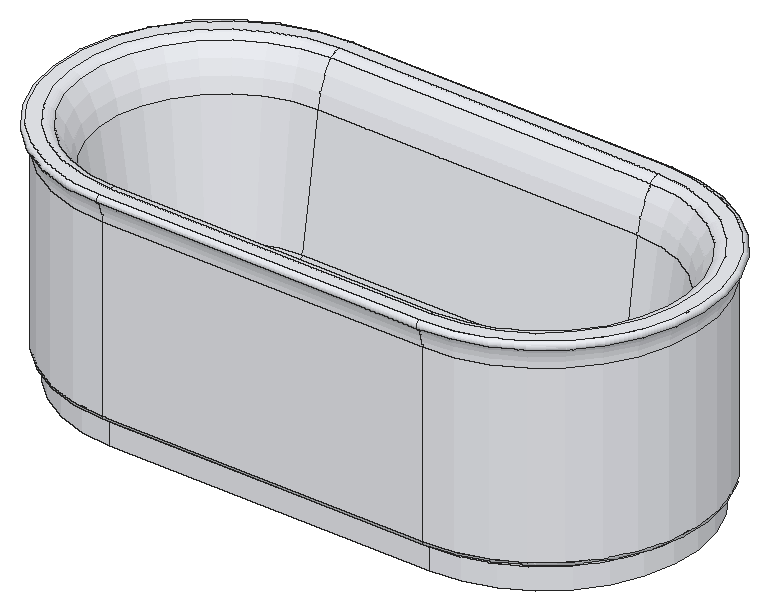
Revit family "Bathtub-Freestanding-American_Standard-Studio-2549004", category Plumbing Fixtures, Revit 2016
Family settings
  Part Type = Normal
  Round Connector Dimension = Use Diameter
  OmniClass Number = 23.45.05.14.21
  OmniClass Title = Bathtubs
  Work Plane-Based = Yes
  Always vertical = No
  Cut with Voids When Loaded = No
  Shared = Yes
  Room Calculation Point = No
Parameters (values of type "2549004")
  Width = 34"
  Weight = "145 Lbs. (66 Kg.)  w/WATER : (710 Lbs. (322 Kg.))"
  Waste Connection Diameter = 2 1/8"
  Waste Connection = yes
  Warranty Information = "Limited Lifetime warranty"
  WFU = 4
  Vent Connection = no
  URL = "https://www.americanstandard-us.com/"
  Product Page URL = ""
  Product Documentation Link = ""
  Price = "Prices may vary. Please consult Manufacturer Representative for most up-to-date price list."  # constant formula
  Model = " 2549004"  # constant formula
  Material = "Acrylic-American Standard-020-High Gloss White"
  Manufacturer = "American Standard"  # constant formula
  Length = 68"
  Installation Type = "Floor Mount"  # constant formula
  Height = 24 1/2"
  HWFU = 3
  HW Connection = yes
  GAL. TO OVERFLOW = "68 Gal. (257L)"
  Finish = Acrylic-American Standard-020-High Gloss White
  Description = "American Standard 2549004 Studio® S Freestanding Tub"
  Default Elevation = 0"
  Creation Date = "05/15/2020"  # constant formula
  CWFU = 3
  CW Connection = yes
  Assembly Code = "D2010510"
Reference planes (in)
  plane 1 "Center (Front/Back)": y = 2.0625
  plane 2: z = 0
  plane 3 "Center (Left/Right)": x = 0
  plane 4: z = 24.5
  plane 5: y = -31.9375
  plane 6: x = 34
  plane 7: x = -34
  plane 8: y = -14.9375
  plane 9: x = 21.3125
  plane 10: x = -21.3125
  plane 11: y = -4.5
  plane 12: y = -25.375
  plane 13: z = 4.8125
  plane 14: z = 21.75
  plane 15: x = 1.5625
  plane 16: x = -1.5625
  plane 17: z = 3.25
Forms (in)
  Sweep 1, solid, material "Acrylic-American Standard-020-High Gloss White"
    path origin (0, 0, 0) x (1, 0, 0) y (0, 1, 0)
      loop
        arc (-17, 2.0625) -> (-34, -14.9375) -> (-17, -31.9375) r 17
        line (-17, -31.9375) -> (17, -31.9375)
        arc (17, -31.9375) -> (34, -14.9375) -> (17, 2.0625) r 17
        line (17, 2.0625) -> (-17, 2.0625)
    profile origin (-34, -14.9375, 0) x (1, 0, 0) y (0, 0, 1)
      loop
        line (1.75, 0) -> (9.9375, 0) -> (9.9375, 4.8125) -> (9.18082, 4.8125)
        arc (9.18082, 4.8125) -> (7.53261, 5.43277) -> (6.70226, 6.98579) r 2.5
        arc (6.70226, 6.98579) -> (5.76831, 13.47) -> (4.67912, 19.92994) r 273.16358
        arc (4.67912, 19.92994) -> (4.0081, 22.07766) -> (2.83118, 23.99542) r 9.11086
        arc (2.83118, 23.99542) -> (2.36411, 24.3673) -> (1.78202, 24.5) r 1.34302
        line (1.78202, 24.5) -> (0.41654, 24.5)
        arc (0.41654, 24.5) -> (0.04425, 24.26969) -> (0.08413, 23.83376) r 0.41604
        arc (0.08413, 23.83376) -> (0.60196, 22.84855) -> (0.78072, 21.75) r 3.46494
        line (0.78072, 21.75) -> (0.78072, 3.20598)
        arc (0.78072, 3.20598) -> (0.84316, 2.99176) -> (1.01092, 2.84464) r 0.39869
        line (1.01092, 2.84464) -> (1.555, 2.59093)
        arc (1.555, 2.59093) -> (1.69711, 2.4663) -> (1.75, 2.28484) r 0.33774
        line (1.75, 2.28484) -> (1.75, 0)
  Extrusion 2, solid, material "Acrylic-American Standard-020-High Gloss White"
    sketch origin (0, 0, 0) x (1, 0, 0) y (0, 1, 0)
      loop
        arc (-17, -7.875) -> (-24.0625, -14.9375) -> (-17, -22) r 7.0625
        line (-17, -22) -> (17, -22)
        arc (17, -22) -> (24.0625, -14.9375) -> (17, -7.875) r 7.0625
        line (17, -7.875) -> (-17, -7.875)
    from 0 to 4.8125
  Revolve 3, void
    sketch origin (41.375, -14.9375, 48) x (1, 0, 0) y (0, 0, 1)
      loop
        line (-41.375, -42.96036) -> (-41.375, -48) -> (-40.3125, -48) -> (-40.3125, -43.54719)
        arc (-40.3125, -43.54719) -> (-40.09772, -43.42151) -> (-40.01306, -43.1875) r 0.36575
        line (-40.01306, -43.1875) -> (-40.01306, -42.96036) -> (-41.375, -42.96036)
      axis (-41.375, -48) -> (-41.375, -42.96036)
    angle from 0 to 360
  Sweep 4, void
    path origin (0, 0, 0) x (0, 1, 0) y (0, 0, 1)
      loop
        line (-27.625, 21.5625) -> (-28.00547, 21.5625)
        arc (-28.00547, 21.5625) -> (-28.23628, 21.45185) -> (-28.29456, 21.20262) r 0.29605
        arc (-28.29456, 21.20262) -> (-27.47339, 16.83597) -> (-26.92798, 12.42638) r 70.73597
        arc (-26.92798, 12.42638) -> (-26.48173, 8.83585) -> (-25.80672, 5.28122) r 56.53663
        arc (-25.80672, 5.28122) -> (-25.27063, 4.39148) -> (-24.30725, 4.00298) r 1.63823
        line (-24.30725, 4.00298) -> (-15.57337, 3.47212)
    profile origin (0, -27.81524, 21.5625) x (0, 0, -1) y (1, 0, 0)
      loop
        arc (-0.22026, -1.34239) -> (0, -1.56264) -> (0.22026, -1.34239) r 0.22026
        line (0.22026, -1.34239) -> (0.22026, 1.33328)
        arc (0.22026, 1.33328) -> (0, 1.55354) -> (-0.22026, 1.33328) r 0.22026
        line (-0.22026, 1.33328) -> (-0.22026, -1.34239)
Cuts and joins
  Revolve 3, Sweep 4 cuts Sweep 1
  Revolve 3, Sweep 4 cuts Extrusion 2
  joined: Sweep 1, Extrusion 2
Lines and regions (in)
  Masking region 1
    outline origin (0, 0, 0) x (1, 0, 0) y (0, 1, 0)
      loop
        arc (-17, 2.0625) -> (-34, -14.9375) -> (-17, -31.9375) r 17
        line (-17, -31.9375) -> (17, -31.9375)
        arc (17, -31.9375) -> (34, -14.9375) -> (17, 2.0625) r 17
        line (17, 2.0625) -> (-17, 2.0625)
  symbolic lines, detail levels medium+fine
    curve 1: circle (0, -14.9375, 0) r 1.0625 normal (0, 0, 1)
    curve 2: arc (-17, -0.9375, 0) -> (-31, -14.9375, 0) -> (-17, -28.9375, 0) r 14
    curve 3: line (-17, -28.9375, 0) -> (17, -28.9375, 0)
    curve 4: arc (17, -28.9375, 0) -> (31, -14.9375, 0) -> (17, -0.9375, 0) r 14
    curve 5: line (17, -0.9375, 0) -> (-17, -0.9375, 0)
    curve 10: arc (-10.875, -4.5, 0) -> (-21.3125, -14.9375, 0) -> (-10.875, -25.375, 0) r 10.4375
    curve 11: line (-10.875, -25.375, 0) -> (10.875, -25.375, 0)
    curve 12: arc (10.875, -25.375, 0) -> (21.3125, -14.9375, 0) -> (10.875, -4.5, 0) r 10.4375
    curve 13: line (10.875, -4.5, 0) -> (-10.875, -4.5, 0)
  symbolic lines, detail levels fine
    curve 6: arc (-17, -1.9375, 0) -> (-30, -14.9375, 0) -> (-17, -27.9375, 0) r 13
    curve 7: line (-17, -27.9375, 0) -> (17, -27.9375, 0)
    curve 8: arc (17, -27.9375, 0) -> (30, -14.9375, 0) -> (17, -1.9375, 0) r 13
    curve 9: line (17, -1.9375, 0) -> (-17, -1.9375, 0)
    curve 14: line (-1.36042, -27.63302, 0) -> (1.35129, -27.63302, 0)
    curve 15: spline (1.35129, -27.63302, 0) -> (1.40616, -27.63828, 0) -> (1.45596, -27.64803, 0) -> (1.49786, -27.66172, 0) -> (1.52948, -27.67858, 0) -> (1.54901, -27.69764, 0) -> (1.55533, -27.71781, 0) -> (1.5481, -27.73796, 0) -> (1.52772, -27.75692, 0) -> (1.49535, -27.77361, 0) -> (1.45284, -27.7871, 0) -> (1.40261, -27.7966, 0) -> (1.34751, -27.80159, 0)
    curve 16: line (1.34751, -27.80159, 0) -> (-1.35661, -27.80159, 0)
    curve 17: spline (-1.35661, -27.80159, 0) -> (-1.4117, -27.7966, 0) -> (-1.46194, -27.7871, 0) -> (-1.50445, -27.77361, 0) -> (-1.53682, -27.75691, 0) -> (-1.55721, -27.73795, 0) -> (-1.56444, -27.71781, 0) -> (-1.55812, -27.69763, 0) -> (-1.53859, -27.67857, 0) -> (-1.50698, -27.66172, 0) -> (-1.46508, -27.64803, 0) -> (-1.41528, -27.63828, 0) -> (-1.36042, -27.63302, 0)
Dimensions and locks (in)
  "Height": plane 4 to level
  "Length": plane 7 to plane 6
  "Width": plane 5 to plane 1 "Center (Front/Back)"
  equal spacing: plane 7, plane 3 "Center (Left/Right)", plane 6
  locked: plane 7 to plane 3 "Center (Left/Right)" at 34
  equal spacing: plane 5, plane 8, plane 1 "Center (Front/Back)"
  plane 12 to plane 8 = 10 7/16"
  plane 8 to plane 11 = 10 7/16"
  plane 3 "Center (Left/Right)" to plane 9 = 21 5/16"
  plane 10 to plane 3 "Center (Left/Right)" = 21 5/16"
  plane 14 to plane 4 = 2 3/4"
  plane 13 to plane 4 = 19 11/16"
  equal spacing: plane 15, plane 3 "Center (Left/Right)", plane 16
  plane 15 to plane 16 = 3 1/8"
  level to plane 17 = 3 1/4"
  aligned and locked: Extrusion 2 sketch curve to Sweep 1
  aligned and locked: plane 13 to Extrusion 2
  aligned and locked: curve 13 to plane 11
  aligned and locked: plane 12 to curve 11
Automatic sketch dimensions
  plane 10 to Sweep 1 sketch curve = 4 5/16"
  Sweep 1 sketch curve to plane 9 = 4 5/16"
  plane 5 to Sweep 1 sketch curve = 0"
  plane 8 to Sweep 1 sketch curve = 0"
  Sweep 1 sketch curve to level = 0"
  Sweep 1 sketch curve to level = 28.71278"
  profile plane to Sweep 1 sketch curve = 264.11862"
  profile plane to Sweep 1 sketch curve = 4.28613"
  profile plane to Sweep 1 sketch curve = 2.68422"
  Sweep 1 sketch curve to profile plane = 0.41654"
  Sweep 1 sketch curve to profile plane = 0.78072"
  Sweep 1 sketch curve to Sweep 1 sketch curve = 0.2302"
  Sweep 1 sketch curve to Sweep 1 sketch curve = 0.39869"
  Sweep 1 sketch curve to Sweep 1 sketch curve = 0.40134"
  Sweep 1 sketch curve to Sweep 1 sketch curve = 0.14273"
  Sweep 1 sketch curve to profile plane = 1 3/4"
  Sweep 1 sketch curve to Sweep 1 sketch curve = 1.36549"
  level to Sweep 1 sketch curve = 4 13/16"
  Sweep 1 sketch curve to Sweep 1 sketch curve = 7.43082"
  Sweep 1 sketch curve to Sweep 1 sketch curve = 0.75668"
  Sweep 1 sketch curve to Sweep 1 sketch curve = 2.28484"
  Sweep 1 sketch curve to Sweep 1 sketch curve = 0.25371"
  Sweep 1 sketch curve to Sweep 1 sketch curve = 2 1/2"
  Sweep 1 sketch curve to Sweep 1 sketch curve = 11.32177"
  Sweep 1 sketch curve to Sweep 1 sketch curve = 3.44244"
  Sweep 1 sketch curve to Sweep 1 sketch curve = 1.40698"
  Sweep 1 sketch curve to Sweep 1 sketch curve = 0.92698"
  Sweep 1 sketch curve to Sweep 1 sketch curve = 0.41604"
  Sweep 1 sketch curve to Sweep 1 sketch curve = 0"  (x2)
  Extrusion 2 sketch curve to plane 9 = 4 5/16"
  Revolve 3 sketch curve to plane 3 "Center (Left/Right)" = 0"  (x2)
  Revolve 3 sketch curve to plane 13 = 0"
  Revolve 3 sketch curve to level = 0"
  Revolve 3 sketch curve to plane 15 = 0.56631"
  Revolve 3 sketch curve to plane 15 = 1/2"
  Revolve 3 sketch curve to plane 15 = 0.20056"
  Revolve 3 sketch curve to Revolve 3 sketch curve = 0.22714"
  Revolve 3 sketch curve to Revolve 3 sketch curve = 1/2"
  Revolve 3 sketch curve to Revolve 3 sketch curve = 3/4"
  plane 13 to Sweep 4 sketch curve = 1.14008"
  plane 5 to Sweep 4 sketch curve = 65.42959"
  Sweep 4 sketch curve to plane 14 = 0.48355"
  plane 12 to Sweep 4 sketch curve = 2.63047"
  Sweep 4 sketch curve to plane 12 = 1.06775"
  Sweep 4 sketch curve to plane 12 = 1.16714"
  Sweep 4 sketch curve to plane 14 = 4.14934"
  Sweep 4 sketch curve to plane 1 "Center (Front/Back)" = 27.30887"
  plane 13 to Sweep 4 sketch curve = 0.82569"
  plane 17 to Sweep 4 sketch curve = 0.75298"
  Sweep 4 sketch curve to plane 14 = 3/16"
  Sweep 4 sketch curve to Sweep 4 sketch curve = 0"  (x2)
  Sweep 4 sketch curve to Sweep 4 sketch curve = 0.38047"
  plane 17 to Sweep 4 sketch curve = 0.22212"
  plane 8 to Sweep 4 sketch curve = 0.63587"
  Sweep 4 sketch curve to profile plane = 0"
  profile plane to Sweep 4 sketch curve = 0.22026"
  Sweep 4 sketch curve to plane 3 "Center (Left/Right)" = 1.34239"
  plane 3 "Center (Left/Right)" to Sweep 4 sketch curve = 1.33328"
  curve 1 to plane 3 "Center (Left/Right)" = 0"
  plane 8 to curve 1 = 0"
  curve 2 to curve 7 = 1"
  plane 8 to Masking region 1 sketch curve = 0"
  plane 1 "Center (Front/Back)" to Masking region 1 sketch curve = 0"
  plane 10 to Masking region 1 sketch curve = 4 5/16"
  Masking region 1 sketch curve to plane 9 = 4 5/16"
  curve 2 to curve 6 = 0"  (x2)
  curve 4 to curve 8 = 0"
  plane 8 to curve 2 = 0"
  curve 13 to plane 16 = 9 5/16"
  plane 10 to curve 9 = 4 5/16"
  plane 15 to curve 13 = 9 5/16"
  curve 5 to plane 9 = 4 5/16"
  plane 12 to curve 7 = 2 9/16"
  plane 16 to curve 14 = 0.20208"
  curve 17 to curve 16 = 0.00381"
  curve 16 to plane 15 = 0.21499"
  curve 15 to curve 14 = 0.00378"
  plane 12 to curve 16 = 2.42659"
  curve 15 to curve 14 = 0.16856"
  curve 17 to plane 16 = 0.00195"
  curve 16 to curve 17 = 0.03017"
  curve 15 to curve 15 = 0.03018"
  curve 15 to plane 15 = 0.00716"
  radius of curve 1 = 1 1/16"
Connectors (in)
  piping at (0, -14.9375, 0), diameter 2.125, driven by "WFU", driven by "Waste Connection Diameter"
    settings: on cut or joined group of Sweep 1, Extrusion 2, Revolve 3, Sweep 4, index 1, connector inside diameter 24", connector length 0", flow factor 0, pipe flow 0 GPM, pressure drop 0.00 psi, fitting loss kfactor 0, connector angle 0.00°, fixture units 4, engagement length 0", angle of deflection 0.00°, flow configuration 3, flow direction 2, fitting loss method 0, system type 16, joint type 0, gender type 0, connector reference index -1, connector utility 0, adjustable connector no, is connector primary yes, connector description "2 1/8\" Waste Connecton"
